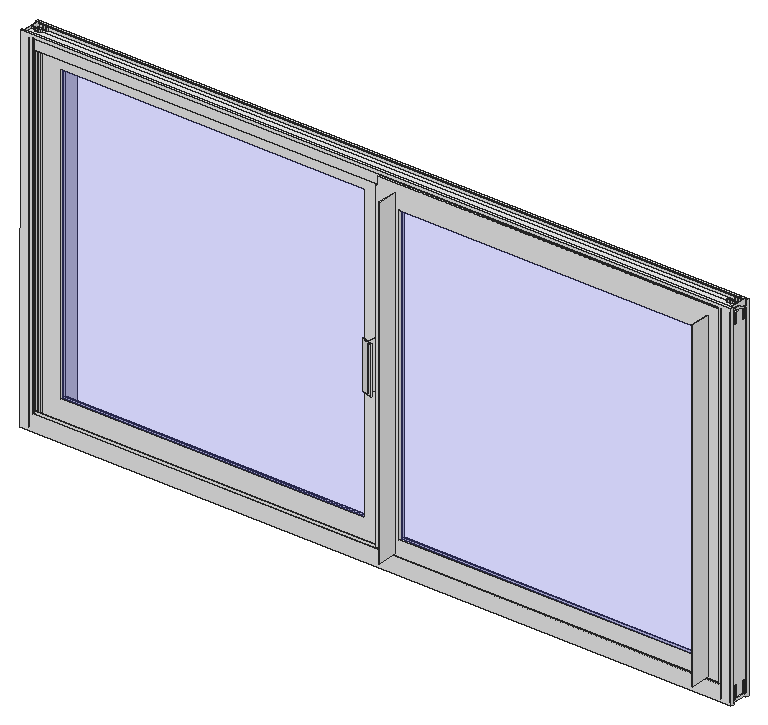
Revit family "WAL_A3-Classic-Horizontal-Slider-1800x900-SW189", category Windows, host Wall, Revit 2016
Family settings
  Host = Wall
  Always vertical = Yes
  Cut with Voids When Loaded = No
  Shared = No
  Room Calculation Point = No
Parameters (values of type "1800 x 900 SW189 Classical Horizontal Slider")
  URL = "www.agi.co.za"
  Model = "Slider"
  Manufacturer Code = "SW189"
  Manufacturer = "AGI Aluminium"
  Height = 900 mm
  Glass Material = Glass
  Frame Material = Metal Aluminium
  Description = "Classic Horizontal Slider"
  Default Sill Height = 800 mm
  Wall Closure = By host
  Width = 1800 mm
  Assembly Code = "B2020110"
Reference planes
  plane 1 "Center": y = 0
  plane 2 "Center (Left/Right)": x = 0
  plane 3 "Left": x = -900
  plane 4 "Right": x = 900
  plane 5 "Sill": z = 800
  plane 6 "Head": z = 1700
  plane 7 "Exterior": y = 75
  plane 8 "Interior": y = -75
  plane 9: z = 1250
Forms (mm)
  Sweep 1, solid, material "Metal Aluminium" <- "Frame Material", detail levels medium+fine
    path origin (0, 0, 0) x (1, 0, 0) y (0, 0, 1)
      loop
        line (900, 1700) -> (-900, 1700)
    profile "Top Frame : Top Frame" origin (0, 0, 1700) x (0, 0, -1) y (0, -1, 0)
      loop
        line (0, -21) -> (0, -27) -> (40, -27) -> (40, -25) -> (14.96, -25) -> (14.96, -14) -> (40, -14) -> (40, -12) -> (14.96, -12) -> (9.96, -3.34) -> (9.96, 3.34) -> (14.96, 12) -> (40, 12) -> (40, 14) -> (13.805, 14) -> (7.96, 3.876) -> (7.96, 1) -> (5.96, 1) -> (5.96, 27) -> (0, 27) -> (0, 21) -> (2, 21) -> (2, 25) -> (3.96, 25) -> (3.96, -1) -> (7.96, -1) -> (7.96, -3.876) -> (12.96, -12.536) -> (12.96, -25) -> (2, -25) -> (2, -21) -> (0, -21)
  Sweep 2, solid, material "Metal Aluminium" <- "Frame Material", detail levels medium+fine
    path origin (0, 0, 0) x (1, 0, 0) y (0, 0, 1)
      loop
        line (900, 800) -> (-900, 800)
    profile "Bottom Frame : Bottom Frame" origin (0, 0, 800) x (0, 0, -1) y (0, -1, 0)
      loop
        line (0, -27) -> (0, -20) -> (-2, -20) -> (-2, -25) -> (-4, -25) -> (-4, 25) -> (-2, 25) -> (-2, 20) -> (0, 20) -> (0, 27) -> (-40, 27) -> (-40, 25) -> (-6, 25) -> (-6, 14) -> (-40, 14) -> (-40, 12) -> (-10, 12) -> (-10, -12) -> (-40, -12) -> (-40, -14) -> (-6, -14) -> (-6, -25) -> (-40, -25) -> (-40, -27) -> (0, -27)
  Sweep 3, solid, material "Metal Aluminium" <- "Frame Material", detail levels medium+fine
    path origin (0, 0, 0) x (1, 0, 0) y (0, 0, 1)
      loop
        line (900, 1700) -> (900, 800)
    profile "Side Frame : Side Frame" origin (900, 0, 1250) x (1, 0, 0) y (0, -1, 0)
      loop
        line (0, -27) -> (0, -21) -> (-2, -21) -> (-2, -25) -> (-4, -25) -> (-4, 24.998) -> (-2, 24.998) -> (-2, 20.998) -> (0, 20.998) -> (0, 26.998) -> (-31, 26.998) -> (-31, 24.998) -> (-29, 24.998) -> (-29, 21.689) -> (-27, 21.689) -> (-27, 24.998) -> (-21.044, 24.998) -> (-21.044, 21.689) -> (-19.044, 21.689) -> (-19.044, 24.998) -> (-6, 24.998) -> (-6, 0.998) -> (-19.044, 0.998) -> (-19.044, 4.487) -> (-21.044, 4.487) -> (-21.044, 0.998) -> (-27, 0.998) -> (-27, 4.487) -> (-29, 4.487) -> (-29, 0.998) -> (-31, 0.998) -> (-31, -1.002) -> (-29, -1.002) -> (-29, -4.915) -> (-27, -4.915) -> (-27, -1.002) -> (-21.044, -1.002) -> (-21.044, -4.915) -> (-19.044, -4.915) -> (-19.044, -1.002) -> (-6, -1.002) -> (-6, -25) -> (-19.044, -25) -> (-19.044, -21.362) -> (-21.044, -21.362) -> (-21.044, -25) -> (-27, -25) -> (-27, -21.362) -> (-29, -21.362) -> (-29, -25) -> (-31, -25) -> (-31, -27) -> (0, -27)
  Sweep 4, solid, material "Metal Aluminium" <- "Frame Material", detail levels medium+fine
    path origin (0, 0, 0) x (1, 0, 0) y (0, 0, 1)
      loop
        line (-900, 800) -> (-900, 1700)
    profile "Side Frame : Side Frame" origin (-900, 0, 1250) x (-1, 0, 0) y (0, -1, 0)
      loop
        line (0, -27) -> (0, -21) -> (-2, -21) -> (-2, -25) -> (-4, -25) -> (-4, 24.998) -> (-2, 24.998) -> (-2, 20.998) -> (0, 20.998) -> (0, 26.998) -> (-31, 26.998) -> (-31, 24.998) -> (-29, 24.998) -> (-29, 21.689) -> (-27, 21.689) -> (-27, 24.998) -> (-21.044, 24.998) -> (-21.044, 21.689) -> (-19.044, 21.689) -> (-19.044, 24.998) -> (-6, 24.998) -> (-6, 0.998) -> (-19.044, 0.998) -> (-19.044, 4.487) -> (-21.044, 4.487) -> (-21.044, 0.998) -> (-27, 0.998) -> (-27, 4.487) -> (-29, 4.487) -> (-29, 0.998) -> (-31, 0.998) -> (-31, -1.002) -> (-29, -1.002) -> (-29, -4.915) -> (-27, -4.915) -> (-27, -1.002) -> (-21.044, -1.002) -> (-21.044, -4.915) -> (-19.044, -4.915) -> (-19.044, -1.002) -> (-6, -1.002) -> (-6, -25) -> (-19.044, -25) -> (-19.044, -21.362) -> (-21.044, -21.362) -> (-21.044, -25) -> (-27, -25) -> (-27, -21.362) -> (-29, -21.362) -> (-29, -25) -> (-31, -25) -> (-31, -27) -> (0, -27)
  Sweep 5, solid, material "Metal Aluminium" <- "Frame Material", detail levels medium+fine
    path origin (0, 0, 0) x (1, 0, 0) y (0, 0, 1)
      loop
        line (0, 800) -> (-869, 800)
    profile "Bottom slide L : Bottom slide L" origin (-434.5, 0, 800) x (0, 0, -1) y (0, -1, 0)
      loop
        line (-16, -20) -> (-16, -17) -> (-46, -17) -> (-46, -9) -> (-16, -9) -> (-16, -6) -> (-76, -6) -> (-76, -9.523) -> (-66, -9.523) -> (-66, -15.994) -> (-76, -15.994) -> (-76, -20) -> (-16, -20)
  Sweep 6, solid, material "Metal Aluminium" <- "Frame Material", detail levels medium+fine
    path origin (0, 0, 0) x (1, 0, 0) y (0, 0, 1)
      loop
        line (0, 1700) -> (-869, 1700)
    profile "Top slide L : Top slide L" origin (-434.5, 0, 1700) x (0, 0, -1) y (0, -1, 0)
      loop
        line (16, -20) -> (76, -20) -> (76, -15.994) -> (66, -15.994) -> (66, -9.523) -> (76, -9.523) -> (76, -6) -> (16, -6) -> (16, -9) -> (46, -9) -> (46, -17) -> (16, -17) -> (16, -20)
  Sweep 7, solid, material "Metal Aluminium" <- "Frame Material", detail levels medium+fine
    path origin (0, 0, 0) x (1, 0, 0) y (0, 0, 1)
      loop
        line (-900, 840) -> (-900, 1660)
    profile "Side slide L : Side slide L" origin (-900, 0, 1250) x (-1, 0, 0) y (0, -1, 0)
      loop
        line (-16, -19.998) -> (-16, -16.998) -> (-46, -16.998) -> (-46, -8.998) -> (-16, -8.998) -> (-16, -5.998) -> (-22, -5.998) -> (-22, -1.637) -> (-26, -1.637) -> (-26, -5.998) -> (-76, -5.998) -> (-76, -9.521) -> (-66, -9.521) -> (-66, -15.992) -> (-76, -15.992) -> (-76, -19.998) -> (-66, -19.998) -> (-66, -69.998) -> (-64, -69.998) -> (-64, -19.998) -> (-26, -19.998) -> (-26, -23.79) -> (-22, -23.79) -> (-22, -19.998) -> (-16, -19.998)
  Sweep 8, solid, material "Metal Aluminium" <- "Frame Material", detail levels medium+fine
    path origin (0, 0, 0) x (1, 0, 0) y (0, 0, 1)
      loop
        line (0, 1660) -> (0, 840)
    profile "Mid slide L : Mid slide L" origin (0, 0, 1250) x (1, 0, 0) y (0, -1, 0)
      loop
        line (-43.5, -15.992) -> (-53.5, -15.992) -> (-53.5, -19.998) -> (-43.5, -19.998) -> (-43.5, -69.998) -> (-41.5, -69.998) -> (-41.5, -19.998) -> (6.5, -19.998) -> (6.5, -16.998) -> (-23.5, -16.998) -> (-23.5, -8.998) -> (6.5, -8.998) -> (6.5, 3.5) -> (-3.5, 3.5) -> (-3.5, 0.5) -> (3.5, 0.5) -> (3.5, -5.998) -> (-53.5, -5.998) -> (-53.5, -9.521) -> (-43.5, -9.521) -> (-43.5, -15.992)
  Sweep 9, solid, material "Metal Aluminium" <- "Frame Material", detail levels medium+fine
    path origin (0, 0, 0) x (1, 0, 0) y (0, 0, 1)
      loop
        line (900, 1660) -> (900, 840)
    profile "Side slide R : Side slide R" origin (900, 0, 1250) x (1, 0, 0) y (0, -1, 0)
      loop
        line (-16, 19.998) -> (-22, 19.998) -> (-22, 23.79) -> (-26, 23.79) -> (-26, 19.998) -> (-64, 19.998) -> (-64, 69.998) -> (-66, 69.998) -> (-66, 19.998) -> (-76, 19.998) -> (-76, 15.992) -> (-66, 15.992) -> (-66, 9.521) -> (-76, 9.521) -> (-76, 5.998) -> (-26, 5.998) -> (-26, 1.637) -> (-22, 1.637) -> (-22, 5.998) -> (-16, 5.998) -> (-16, 8.998) -> (-46, 8.998) -> (-46, 16.998) -> (-16, 16.998) -> (-16, 19.998)
  Sweep 10, solid, material "Metal Aluminium" <- "Frame Material", detail levels medium+fine
    path origin (0, 0, 0) x (1, 0, 0) y (0, 0, 1)
      loop
        line (869, 1700) -> (0, 1700)
    profile "Top slide R : Top slide R" origin (434.5, 0, 1700) x (0, 0, -1) y (0, -1, 0)
      loop
        line (16, 20) -> (16, 17) -> (46, 17) -> (46, 9) -> (16, 9) -> (16, 6) -> (76, 6) -> (76, 9.523) -> (66, 9.523) -> (66, 15.994) -> (76, 15.994) -> (76, 20) -> (16, 20)
  Sweep 11, solid, material "Metal Aluminium" <- "Frame Material", detail levels medium+fine
    path origin (0, 0, 0) x (1, 0, 0) y (0, 0, 1)
      loop
        line (869, 800) -> (0, 800)
    profile "Bottom slide R : Bottom slide R" origin (434.5, 0, 800) x (0, 0, -1) y (0, -1, 0)
      loop
        line (-16, 20) -> (-76, 20) -> (-76, 15.994) -> (-66, 15.994) -> (-66, 9.523) -> (-76, 9.523) -> (-76, 6) -> (-16, 6) -> (-16, 9) -> (-46, 9) -> (-46, 17) -> (-16, 17) -> (-16, 20)
  Sweep 12, solid, material "Metal Aluminium" <- "Frame Material", detail levels medium+fine
    path origin (0, 0, 0) x (1, 0, 0) y (0, 0, 1)
      loop
        line (0, 1660) -> (0, 840)
    profile "Mid slide R : Mid slide R" origin (0, 0, 1250) x (1, 0, 0) y (0, -1, 0)
      loop
        line (43.5, 15.992) -> (53.5, 15.992) -> (53.5, 19.998) -> (43.5, 19.998) -> (43.5, 69.998) -> (41.5, 69.998) -> (41.5, 19.998) -> (-6.5, 19.998) -> (-6.5, 16.998) -> (23.5, 16.998) -> (23.5, 8.998) -> (-6.5, 8.998) -> (-6.5, -3.5) -> (3.5, -3.5) -> (3.5, -0.5) -> (-3.5, -0.5) -> (-3.5, 5.998) -> (53.5, 5.998) -> (53.5, 9.521) -> (43.5, 9.521) -> (43.5, 15.992)
  Sweep 13, solid, material "Metal Aluminium" <- "Frame Material", detail levels medium+fine
    path origin (0, 0, 0) x (1, 0, 0) y (0, 0, 1)
      loop
        line (0, 1310) -> (0, 1190)
    profile "Handle : Handle" origin (0, 0, 1250) x (1, 0, 0) y (0, -1, 0)
      loop
        line (-8.5, -4.993) -> (-8.5, 10.998) -> (21.5, 10.998) -> (21.5, 14.998) -> (-8.529, 14.998) -> (-12.187, 35.744) -> (0, 40.18) -> (-0.702, 42.108) -> (-30.363, 31.312) -> (-29.679, 29.433) -> (-14.105, 35.101) -> (-10.5, 14.658) -> (-10.5, -4.993) -> (-8.5, -4.993)
  Extrusion 14, solid, material "Glass" <- "Glass Material", detail levels medium+fine
    sketch origin (0, 0, 0) x (1, 0, 0) y (0, 1, 0)
      loop
        line (-834, 15.994) -> (-834, 9.523) -> (-43.5, 9.523) -> (-43.5, 15.994) -> (-834, 15.994)
    from 866 to 1634
  Extrusion 15, solid, material "Glass" <- "Glass Material", detail levels medium+fine
    sketch origin (0, 0, 0) x (1, 0, 0) y (0, 1, 0)
      loop
        line (43.5, -9.521) -> (43.5, -15.992) -> (834, -15.992) -> (834, -9.521) -> (43.5, -9.521)
    from 866 to 1634
Cuts and joins
  joined: Sweep 1, Sweep 2, Sweep 3, Sweep 4
  joined: Sweep 5, Sweep 6, Sweep 7, Sweep 8
  joined: Sweep 9, Sweep 10, Sweep 11, Sweep 12
Lines and regions (mm)
  Opening 1
    outline origin (3500, -75, 0) x (1, 0, 0) y (0, 0, 1)
      loop
        line (-2600, 800) -> (-2600, 1700) -> (-4400, 1700) -> (-4400, 800) -> (-2600, 800)
  symbolic lines
    curve 1: line (370.204, 0, 1382.631) -> (370.204, 0, 1199.916)
    curve 2: line (370.204, 0, 1382.631) -> (278.847, 0, 1291.274)
    curve 3: line (370.204, 0, 1199.916) -> (278.847, 0, 1291.274)
    curve 4: line (-367.796, 0, 1382.631) -> (-367.796, 0, 1199.916)
    curve 5: line (-367.796, 0, 1382.631) -> (-276.439, 0, 1291.274)
    curve 6: line (-367.796, 0, 1199.916) -> (-276.439, 0, 1291.274)
Text (mm)
  text "EXTERIOR" at (-1963.203, 1332.353, 0), in view "Ref. Level"
  text "INTERIOR" at (-1981.466, -818.386, 0), in view "Ref. Level"
  text "Exterior" at (0, 923.751, 2943.296), in view "Right"
  text "Exterior" at (0, 1040.484, 2685.409), in view "Left"
Dimensions and locks
  equal spacing: plane 3 "Left", plane 2 "Center (Left/Right)", plane 4 "Right"
  "Width": plane 3 "Left" to plane 4 "Right"
  "Height": plane 5 "Sill" to plane 6 "Head"
  "Default Sill Height": plane 5 "Sill" to level
  locked: plane 7 "Exterior" to host wall at 0
  locked: plane 8 "Interior" to host wall
  equal spacing: plane 6 "Head", plane 9, plane 5 "Sill"
  equal spacing: Sweep 13 sketch curve, plane 9, Sweep 13 sketch curve
  locked: Sweep 13 sketch curve to Sweep 13 sketch curve at 120
  aligned and locked: Extrusion 14 sketch curve to cut or joined group of Sweep 5, Sweep 6, Sweep 7, Sweep 8
  aligned and locked: cut or joined group of Sweep 5, Sweep 6, Sweep 7, Sweep 8 to Extrusion 14 sketch curve  (x3)
  aligned and locked: Extrusion 14 to cut or joined group of Sweep 5, Sweep 6, Sweep 7, Sweep 8  (x2)
  aligned and locked: Extrusion 15 sketch curve to cut or joined group of Sweep 9, Sweep 10, Sweep 11, Sweep 12  (x2)
  aligned and locked: cut or joined group of Sweep 9, Sweep 10, Sweep 11, Sweep 12 to Extrusion 15 sketch curve  (x2)
  aligned and locked: Extrusion 15 to cut or joined group of Sweep 9, Sweep 10, Sweep 11, Sweep 12  (x2)
  aligned and locked: plane 2 "Center (Left/Right)" to Sweep 5 sketch curve
  aligned and locked: Sweep 5 sketch curve to cut or joined group of Sweep 1, Sweep 2, Sweep 3, Sweep 4
Automatic sketch dimensions
  Opening 1 sketch curve to plane 3 "Left" = 0 mm
  Opening 1 sketch curve to plane 4 "Right" = 0 mm
  Opening 1 sketch curve to plane 5 "Sill" = 0 mm
  Opening 1 sketch curve to plane 6 "Head" = 0 mm
  Sweep 1 sketch curve to plane 3 "Left" = 0 mm
  plane 4 "Right" to Sweep 1 sketch curve = 0 mm
  plane 6 "Head" to Sweep 1 sketch curve = 0 mm
  Sweep 2 sketch curve to plane 3 "Left" = 0 mm
  plane 4 "Right" to Sweep 2 sketch curve = 0 mm
  Sweep 2 sketch curve to plane 5 "Sill" = 0 mm
  plane 4 "Right" to Sweep 3 sketch curve = 0 mm
  Sweep 3 sketch curve to plane 5 "Sill" = 0 mm
  plane 6 "Head" to Sweep 3 sketch curve = 0 mm
  Sweep 4 sketch curve to plane 3 "Left" = 0 mm
  Sweep 4 sketch curve to plane 5 "Sill" = 0 mm
  plane 6 "Head" to Sweep 4 sketch curve = 0 mm
  Sweep 5 sketch curve to plane 5 "Sill" = 0 mm
  Sweep 6 sketch curve to plane 2 "Center (Left/Right)" = 0 mm
  Sweep 6 sketch curve to plane 3 "Left" = 31 mm
  plane 6 "Head" to Sweep 6 sketch curve = 0 mm
  Sweep 7 sketch curve to plane 3 "Left" = 0 mm
  Sweep 7 sketch curve to plane 5 "Sill" = 40 mm
  plane 6 "Head" to Sweep 7 sketch curve = 40 mm
  Sweep 8 sketch curve to plane 2 "Center (Left/Right)" = 0 mm
  Sweep 8 sketch curve to plane 5 "Sill" = 40 mm
  plane 6 "Head" to Sweep 8 sketch curve = 40 mm
  plane 4 "Right" to Sweep 9 sketch curve = 0 mm
  Sweep 9 sketch curve to plane 5 "Sill" = 40 mm
  plane 6 "Head" to Sweep 9 sketch curve = 40 mm
  plane 2 "Center (Left/Right)" to Sweep 10 sketch curve = 0 mm
  plane 4 "Right" to Sweep 10 sketch curve = 31 mm
  plane 6 "Head" to Sweep 10 sketch curve = 0 mm
  plane 2 "Center (Left/Right)" to Sweep 11 sketch curve = 0 mm
  plane 4 "Right" to Sweep 11 sketch curve = 31 mm
  Sweep 11 sketch curve to plane 5 "Sill" = 0 mm
  plane 2 "Center (Left/Right)" to Sweep 12 sketch curve = 0 mm
  Sweep 12 sketch curve to plane 5 "Sill" = 40 mm
  plane 6 "Head" to Sweep 12 sketch curve = 40 mm
  plane 2 "Center (Left/Right)" to Sweep 13 sketch curve = 0 mm
  plane 9 to curve 3 = 41.274 mm
  plane 9 to curve 5 = 41.274 mm
  curve 1 to plane 9 = 50.084 mm
  curve 6 to plane 9 = 50.084 mm
  curve 6 to plane 2 "Center (Left/Right)" = 367.796 mm
  curve 6 to curve 5 = 91.357 mm
  plane 2 "Center (Left/Right)" to curve 2 = 278.847 mm
  curve 2 to curve 1 = 91.357 mm
